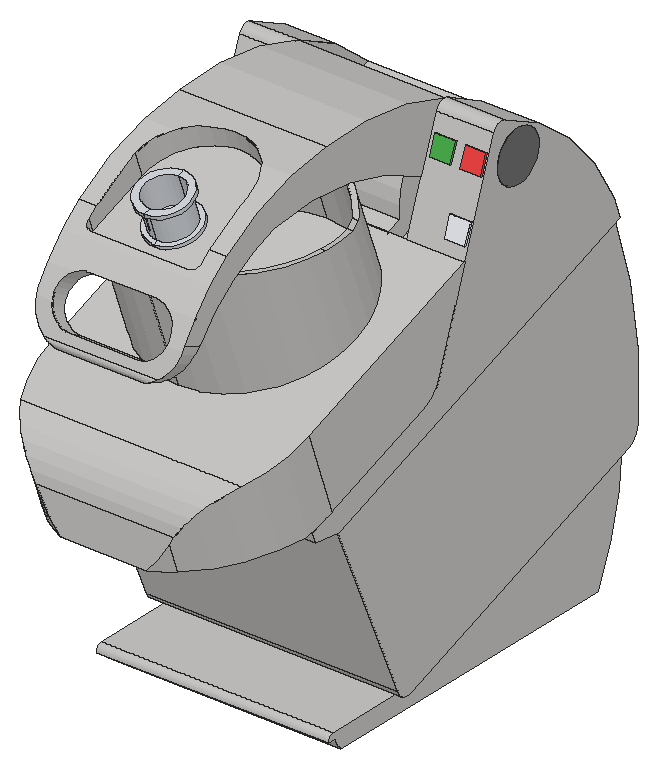
Revit family "QF_ELECTROLUXPROFESSIONAL_600462_TRSY1V6K", category Specialty Equipment, Revit 2018
Family settings
  Round Connector Dimension = Use Diameter
  Part Type = Normal
  Work Plane-Based = No
  Always vertical = Yes
  Cut with Voids When Loaded = No
  Shared = No
  Room Calculation Point = No
Parameters (values of type "Standard")
  Weight = 21.40 kg
  Watts = 0 W
  Volts = 220 V
  URL Manufacturer = "http://professional.electrolux.com"
  URL = "http://professional.electrolux.com"
  Steam Supply Size = 0 mm
  Steam Supply Minimum Pressure = 0.0 Pa
  Steam Supply Maximum Pressure = 0.0 Pa
  Steam Pounds per Hour = 0
  Refrigeration Suction Line Size = 0 mm
  Refrigeration Liquid Line Size = 0 mm
  Refrigerant Compressor Remote = yes
  Manufacturer = "Electrolux Professional"
  Phase = 1
  Model = "TRSY1V6K"
  Length Actual = 252 mm  # constant formula
  Item Number = "600462"
  Hot Water Size = 0 mm
  Height Actual = 515 mm  # constant formula
  HP = "0.7 HP"
  Gas Size = 0 mm
  Gas KW = 0
  Gas Input Pressure = 0 W
  Direct Waste Size = 0 mm
  Description = "VEGETABLE SLICER-1 SPEED-500W-208-240/1/60HZ"
  Depth Actual = 500 mm  # constant formula
  Cycle = 60 Hz
  Condensate Return Size = 0 mm
  Compressed Air Volume = 0.0 L/s
  Compressed Air Size = 0 mm
  Compressed Air Pressure = 0.0 Pa
  Cold Water Size = 0 mm
  Accessory = yes
Reference planes
  plane 1 "Center (Front/Back)": y = 0
  plane 2: z = 0
  plane 3 "Center (Left/Right)": x = 0
  plane 4 "BASE": through (-1506.947, -1354.442, -482.669) normal (0, -0.342, 0.9397)
  plane 5 "TOP": z = 780
  plane 6 "FRONT": y = -250
  plane 7 "BACK": y = 250
  plane 8 "LEFT": x = -126
  plane 9 "RIGHT": x = 126
  plane 10 "BaseSup": through (4267.2, -355.454, 143.983) normal (0, -0.342, 0.9397)
  plane 11 "TopCylinder": z = 502
  plane 12 "panel": through (4267.2, 37.396, 376.789) normal (0, -0.9397, 0.342)
  plane 13 "TAN1": through (4267.2, -242.8, 386.84) normal (0, -0.868, 0.4965)
  plane 14 "cx": x = -4.392
Forms (mm)
  Extrusion 1, solid, material "QF_Finishes_Stainless Steel"
    sketch origin (0, 71.755, 29.173) x (0, 0.939693, 0.34202) y (0, -0.34202, 0.939693)
      loop
        line (194.125, 30) -> (-100, 30) -> (-172.671, 56.45)
        arc (-172.671, 56.45) -> (-177.706, 56.23) -> (-181.11, 52.515) r 6.584
        line (-181.11, 52.515) -> (-172.825, 49.499)
        arc (-172.825, 49.499) -> (-173.282, 42.917) -> (-170.601, 36.887) r 13.662
        line (-170.601, 36.887) -> (125.402, -70.849)
        arc (125.402, -70.849) -> (140.415, -55.659) -> (154.125, -39.282) r 258.806
        arc (154.125, -39.282) -> (176.416, -5.964) -> (194.125, 30) r 303.676
    from -114.1 to 114.1
  Extrusion 2, solid, material "QF_Finishes_Stainless Steel"
    sketch origin (0, 71.755, 29.173) x (0, 0.939693, 0.34202) y (0, -0.34202, 0.939693)
      loop
        arc (-117.754, 231.836) -> (-115.421, 136.806) -> (-106.378, 42.177) r 1344.145
        arc (-106.378, 42.177) -> (-102.811, 33.567) -> (-94.2, 30) r 12.177
        line (-94.2, 30) -> (191.415, 30)
        arc (191.415, 30) -> (200.799, 34.052) -> (207.001, 42.177) r 20.212
        arc (207.001, 42.177) -> (237.263, 134.79) -> (245.906, 231.836) r 430.148
        line (245.906, 231.836) -> (-117.754, 231.836)
    from -123.6 to 123.2
  Extrusion 3, solid, material "QF_Finishes_Stainless Steel"
    sketch origin (0, 71.755, 29.173) x (0, 0.939693, 0.34202) y (0, -0.34202, 0.939693)
      loop
        line (-117.754, 231.836) -> (250, 231.836) -> (250, 254)
        arc (250, 254) -> (225.127, 344.7) -> (167.861, 419.303) r 244.524
        arc (167.861, 419.303) -> (160.498, 421.774) -> (153.587, 418.23) r 10
        line (153.587, 418.23) -> (25.432, 265.5)
        arc (25.432, 265.5) -> (14.376, 257.016) -> (0.77, 254) r 32.194
        line (0.77, 254) -> (-142.678, 254) -> (-142.678, 244) -> (-117.754, 231.836)
    from -125 to 125
  Extrusion 4, void
    sketch origin (0, 71.755, 29.173) x (0, 0.939693, 0.34202) y (0, -0.34202, 0.939693)
      loop
        line (146.605, 338.403) -> (228.145, 338.403)
        arc (228.145, 338.403) -> (202.221, 381.996) -> (167.861, 419.303) r 244.524
        arc (167.861, 419.303) -> (160.498, 421.774) -> (153.587, 418.23) r 10
        line (153.587, 418.23) -> (72.34, 321.403) -> (146.605, 321.403) -> (146.605, 338.403)
    from -76.755 to 68.071
  Extrusion 5, solid, material "QF_Finishes_Stainless Steel"
    sketch origin (0, 71.755, 29.173) x (0, 0.939693, 0.34202) y (0, -0.34202, 0.939693)
      loop
        line (86.605, 338.403) -> (69.605, 321.403) -> (146.605, 321.403) -> (146.605, 338.403) -> (138.179, 338.403) -> (138.179, 369.367)
        arc (138.179, 369.367) -> (147.784, 373.474) -> (158.149, 372.174) r 19.987
        arc (158.149, 372.174) -> (156.791, 382.001) -> (162.888, 389.826) r 12.748
        arc (162.888, 389.826) -> (123.302, 374.774) -> (101.605, 338.403) r 64.447
        line (101.605, 338.403) -> (86.605, 338.403)
    from -65 to 50
  Extrusion 6, solid, material "QF_Finishes_Stainless Steel"
    sketch origin (539, 71.755, 29.173) x (0, -0.939693, -0.34202) y (0, -0.34202, 0.939693)
      loop
        circle (-169.102, 378.696) r 12.748
    from 489 to 604
  Extrusion 7, solid, material "QF_Finishes_Rubber Black"
    sketch origin (0, 71.755, 29.173) x (0, 0.939693, 0.34202) y (0, -0.34202, 0.939693)
      loop
        circle (169.102, 378.696) r 25
    from 125 to 126.6
  Extrusion 8, solid, material "QF_Finishes_Green"
    sketch origin (-10, -113.728, -38.42) x (0, -0.34202, -0.939693) y (1, 0, 0)
      loop
        line (-529.862, 82.865) -> (-509.862, 82.865) -> (-509.862, 102.865) -> (-529.862, 102.865) -> (-529.862, 82.865)
    from 0 to 1.6
  Extrusion 9, solid, material "QF_Finishes_Red"
    sketch origin (20, -113.728, -38.42) x (0, -0.34202, -0.939693) y (1, 0, 0)
      loop
        line (-529.862, 82.865) -> (-509.862, 82.865) -> (-509.862, 102.865) -> (-529.862, 102.865) -> (-529.862, 82.865)
    from 0 to 1.6
  Extrusion 10, solid, material "QF_Finishes_White"
    sketch origin (19.976, -149.421, -75.636) x (0, -0.34202, -0.939693) y (1, 0, 0)
      loop
        line (-521.192, 82.865) -> (-501.192, 82.865) -> (-501.192, 102.865) -> (-521.192, 102.865) -> (-521.192, 82.865)
    from 0 to 1.6
  Extrusion 11, solid, material "QF_Finishes_Rubber Black"
    sketch origin (-20, -306.935, 99.376) x (0, -1, 0) y (1, 0, 0)
      loop
        circle (-230.144, 103.748) r 10
      loop
        circle (-230.144, -61.252) r 10
    from 9.274 to 3.787
  Extrusion 12, void
    sketch origin (-20.94, 306.731, 139.428) x (-1, 0, 0) y (0, -0.34202, 0.939693)
      loop
        circle (-20.94, 196.093) r 10
    from -1.916 to -26.433
  Extrusion 13, solid, material "QF_Finishes_Stainless Steel"
    sketch origin (-20.94, 306.678, 139.573) x (-1, 0, 0) y (0, -0.34202, 0.939693)
      loop
        circle (-20.94, 195.939) r 9.999
    from -8.514 to -26.433
  Extrusion 14, solid, material "QF_Finishes_Stainless Steel"
    sketch origin (0, -15.119, 267.855) x (0, -0.939693, -0.34202) y (1, 0, 0)
      loop
        line (-86.605, -125) -> (117.754, -125)
        arc (117.754, -125) -> (182.577, -108.838) -> (232.224, -64.135) r 138.076
        arc (232.224, -64.135) -> (246.337, -33.516) -> (250, 0) r 104.824
        arc (250, 0) -> (246.337, 33.516) -> (232.224, 64.135) r 104.824
        arc (232.224, 64.135) -> (182.577, 108.838) -> (117.754, 125) r 138.076
        line (117.754, 125) -> (-86.605, 125) -> (-86.605, -125)
    from 0 to 84.403
  Extrusion 15, void
    sketch origin (0, 71.755, 29.173) x (0, 0.939693, 0.34202) y (0, -0.34202, 0.939693)
      loop
        line (-148.177, 254) -> (-243.49, 272.527) -> (-229.509, 307.133)
        arc (-229.509, 307.133) -> (-211.109, 329.855) -> (-183.149, 338.403) r 50
        line (-183.149, 338.403) -> (-263.395, 338.403) -> (-263.395, 254) -> (-148.177, 254)
      loop
        line (86.605, 338.403) -> (25.432, 265.5)
        arc (25.432, 265.5) -> (14.376, 257.016) -> (0.77, 254) r 32.194
        line (0.77, 254) -> (86.605, 254) -> (86.605, 338.403)
    from -156.555 to 144.79
  Extrusion 16, solid, material "QF_Finishes_Rubber Black"
    sketch origin (-20, -28.598, 99.376) x (0, -1, 0) y (1, 0, 0)
      loop
        circle (-230.144, 103.748) r 10
      loop
        circle (-230.144, -61.252) r 10
    from 9.274 to 3.787
  Extrusion 17, solid, material "QF_Finishes_Stainless Steel"
    sketch origin (0, 0, 0) x (0, 1, 0) y (0, 0, 1)
      loop
        arc (-237.987, 360.286) -> (-193.334, 422.101) -> (-125.907, 457.716) r 167.502
        arc (-125.907, 457.716) -> (-32.614, 457.202) -> (54.785, 424.565) r 266.494
        line (54.785, 424.565) -> (73.036, 474.711)
        arc (73.036, 474.711) -> (77.269, 479.853) -> (83.792, 481.198) r 10
        arc (83.792, 481.198) -> (12.917, 500.705) -> (-60.594, 500.999) r 278.64
        arc (-60.594, 500.999) -> (-125.023, 488.463) -> (-183.511, 458.675) r 236.13
        arc (-183.511, 458.675) -> (-222.818, 420.732) -> (-248.457, 372.49) r 174.407
        arc (-248.457, 372.49) -> (-249.83, 368.135) -> (-247.05, 364.513) r 4.945
        line (-247.05, 364.513) -> (-237.987, 360.286)
    from -76.755 to 68.071
  Extrusion 18, void
    sketch origin (0, -252.846, 369.279) x (0, -0.496521, -0.868025) y (1, 0, 0)
      loop
        line (-13.723, -36.755) -> (-13.723, 28.071)
        arc (-13.723, 28.071) -> (-38.723, 53.071) -> (-63.723, 28.071) r 25
        line (-63.723, 28.071) -> (-63.723, -36.755)
        arc (-63.723, -36.755) -> (-38.723, -61.755) -> (-13.723, -36.755) r 25
    from -148.493 to 7.125
  Extrusion 19, void
    sketch origin (0, -88.076, 32.057) x (0, -0.34202, -0.939693) y (1, 0, 0)
      loop
        line (-257.162, 68.071) -> (-297.162, 68.071)
        arc (-297.162, 68.071) -> (-268.878, 56.356) -> (-257.162, 28.071) r 40
        line (-257.162, 28.071) -> (-257.162, 68.071)
      loop
        line (-257.162, -76.755) -> (-257.162, -36.755)
        arc (-257.162, -36.755) -> (-268.878, -65.039) -> (-297.162, -76.755) r 40
        line (-297.162, -76.755) -> (-257.162, -76.755)
    from 233.374 to 280.473
  Extrusion 20, void
    sketch origin (0, -73.76, 246.511) x (0, -0.939693, -0.34202) y (1, 0, 0)
      loop
        spline (50.415, 43.499) -> (50.302, 44.538) -> (50.07, 45.551) -> (49.722, 46.523) -> (49.265, 47.436) -> (48.705, 48.278) -> (48.053, 49.034) -> (47.317, 49.692) -> (46.511, 50.241) -> (45.647, 50.674) -> (44.738, 50.981) -> (43.801, 51.16) -> (42.848, 51.221)
        line (42.848, 51.221) -> (-21.826, 51.221)
        arc (-21.826, 51.221) -> (-77.476, -4.429) -> (-21.826, -60.078) r 55.65
        line (-21.826, -60.078) -> (42.849, -60.064)
        spline (42.849, -60.064) -> (43.796, -60.017) -> (44.73, -59.836) -> (45.637, -59.525) -> (46.5, -59.088) -> (47.306, -58.532) -> (48.042, -57.867) -> (48.695, -57.103) -> (49.256, -56.253) -> (49.715, -55.331) -> (50.065, -54.351) -> (50.3, -53.329) -> (50.415, -52.283)
        line (50.415, -52.283) -> (50.415, 43.499)
    from 219.928 to 259.975
  Extrusion 21, void
    sketch origin (0, -87.856, 241.381) x (0, -0.939693, -0.34202) y (1, 0, 0)
      loop
        circle (-4.976, -4.429) r 22.5
    from 184.171 to 259.975
  Extrusion 22, solid, material "QF_Finishes_Stainless Steel"
    sketch origin (0, -57.13, 252.564) x (0, -0.939693, -0.34202) y (1, 0, 0)
      loop
        circle (-27.476, -4.429) r 100
      loop
        circle (-27.476, -4.429) r 95
    from 84.403 to 219.928
  Extrusion 23, void
    sketch origin (539, 0, 0) x (0, -1, 0) y (0, 0, 1)
      loop
        line (-7.229, 448.453) -> (38.883, 431.669) -> (53.883, 431.669) -> (97.232, 435.738) -> (172.232, 435.738) -> (200.5, 434.424) -> (12.562, 502.828) -> (-7.229, 448.453)
    from 424.9 to 664
  Revolve 24, solid
    sketch origin (-4.392, 0, 0) x (0, 1, 0) y (0, 0, 1)
      loop
        line (-159.523, 452.833) -> (-177.266, 446.376) -> (-188.766, 477.973) -> (-195.199, 475.631) -> (-193.959, 472.225) -> (-189.261, 473.935) -> (-179, 445.744) -> (-183.698, 444.034) -> (-182.575, 440.948) -> (-179.543, 442.052) -> (-133.191, 314.7) -> (-112.048, 322.396) -> (-159.523, 452.833)
      axis (-112.048, 322.396) -> (-171.023, 484.431)
    angle from 0 to 360
  Extrusion 25, solid, material "QF_Door-Drawer Clearances", detail levels coarse
    sketch origin (0, -259.129, 728.467) x (0, -0.462376, -0.886684) y (0, 0.886684, -0.462376)
      loop
        arc (-237.987, 360.286) -> (-193.334, 422.101) -> (-125.907, 457.716) r 167.502
        arc (-125.907, 457.716) -> (-32.614, 457.202) -> (54.785, 424.565) r 266.494
        line (54.785, 424.565) -> (59.562, 427.056)
        arc (59.562, 427.056) -> (59.025, 458.234) -> (62.46, 489.226) r 244.524
        arc (62.46, 489.226) -> (1.594, 502.023) -> (-60.594, 500.999) r 278.64
        arc (-60.594, 500.999) -> (-125.023, 488.463) -> (-183.511, 458.675) r 236.13
        arc (-183.511, 458.675) -> (-222.818, 420.732) -> (-248.457, 372.49) r 174.407
        arc (-248.457, 372.49) -> (-249.83, 368.135) -> (-247.05, 364.513) r 4.945
        line (-247.05, 364.513) -> (-237.987, 360.286)
    from -76.755 to 68.071
  Extrusion 26, solid, material "QF_Door-Drawer Clearances", detail levels coarse
    sketch origin (-4.392, 0, 0) x (0, 1, 0) y (0, 0, 1)
      loop
        arc (180.062, 780.324) -> (-149.234, 694.151) -> (-249.905, 368.994) r 350.321
        line (-249.905, 368.994) -> (-246.546, 377.767)
        arc (-246.546, 377.767) -> (-144.345, 691.9) -> (174.993, 776.44) r 345.321
        line (174.993, 776.44) -> (180.062, 780.324)
    from -60 to 60
Cuts and joins
  Extrusion 4, Extrusion 19, Extrusion 20, Extrusion 21 cuts Extrusion 3
  Extrusion 15, Extrusion 19, Extrusion 20, Extrusion 21 cuts Extrusion 14
  Extrusion 18, Extrusion 19, Extrusion 20, Extrusion 21 cuts Extrusion 17
  Extrusion 12, Extrusion 20, Extrusion 21 cuts Extrusion 2
  Extrusion 23 cuts Extrusion 22
Lines and regions (mm)
  model lines
    curve 1: line (-65, 80.335, 302.597) -> (50, 80.335, 302.597)
    curve 2: line (-65, 83.13, 303.615) -> (50, 83.13, 303.615)
Dimensions and locks
  plane 5 "TOP" to level = 780 mm
  plane 8 "LEFT" to plane 3 "Center (Left/Right)" to plane 9 "RIGHT" = 126 mm, 126 mm
  plane 7 "BACK" to plane 1 "Center (Front/Back)" to plane 6 "FRONT" = 250 mm, 250 mm
  plane 5 "TOP" to plane 2 = 780 mm
  plane 5 "TOP" to plane 11 "TopCylinder" = 278 mm
  plane 6 "FRONT" to plane 7 "BACK" = 500 mm
  plane 7 "BACK" to plane 6 "FRONT" = 500 mm
  plane 11 "TopCylinder" to level = 502 mm
  aligned and locked: level to plane 2
Connectors
  electrical at (0, 231.662, 320.783), driven by "Volts"
    settings: on Extrusion 13, index 1, voltage 220 V, apparent load 0 VA, apparent load phase1 0 VA, apparent load phase2 0 VA, apparent load phase3 0 VA, power factor 1, load classification "Other", number of poles 1, system type 30, power factor state 1, is connector primary yes, connector utility no, sub classification motor no, connector description "Electrical Connection"
